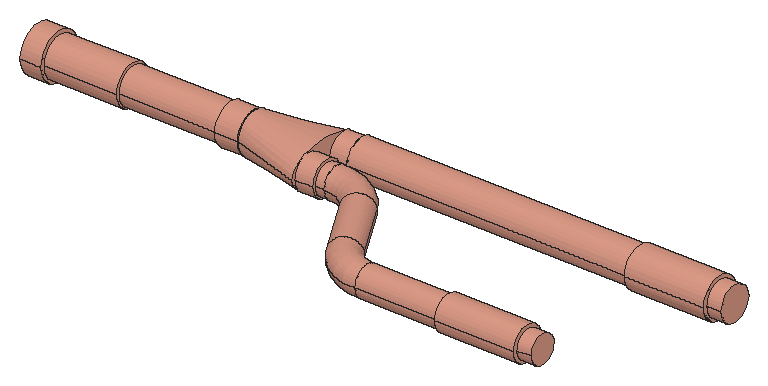
Revit family "outputfile", category 配管付属品, Revit 2024
Family settings
  丸型コネクタ寸法 = 半径を使用
  パーツ タイプ = 標準
  OmniClass 番号 = 23.65.55.00
  OmniClass タイトル = Distribution of Supplied Liquids/Gases
  作業面ベース = いいえ
  常に垂直 = はい
  ロード時にボイドで切り取り = いいえ
  共有 = いいえ
Parameters (values of type "KHRP26A33T")
  Description = ""
  製造元 = "Daikin"
  書き出し IFC クラス(タイプ) = "IfcPipeFittingType"
  定義済み IFC タイプ(タイプ) = "JUNCTION"
  Cost = 0
  Type Comments = ""
  Keynote = ""
  Type Image = (empty or 0)
  Assembly Code = ""
  mm⇔inch [instance] = yes
  l_dividePipe1 [instance] = size_lookup(table_StraightPipe, "l_dividePipe1", 10.0 mm, モデル)  # 10.0 mm
  Default Elevation = 0.0 mm
  モデル = "KHRP26A33T"
  table_StraightPipe [instance] = if(mm⇔inch, "Refnet Joint_KHRP26A-T_Gas_StraightPipe", "Refnet Joint_KHRP26A-T_Gas_StraightPipe_inch")  # "Refnet Joint_KHRP26A-T_Gas_StraightPipe"
  table_BranchPipe [instance] = if(mm⇔inch, "Refnet Joint_KHRP26A-T_Gas_BranchPipe", "Refnet Joint_KHRP26A-T_Gas_BranchPipe_inch")  # "Refnet Joint_KHRP26A-T_Gas_BranchPipe"
  table_Inlet [instance] = if(mm⇔inch, "Refnet Joint_KHRP26A-T_Gas_Inlet", "Refnet Joint_KHRP26A-T_Gas_Inlet_inch")  # "Refnet Joint_KHRP26A-T_Gas_Inlet"
  switch_StraightPipe_Reducer [instance] = if(Is_StraightPipe Reducer = 1, 1 = 1, 1 = 0)  # no
  switch_StraightPipe3 [instance] = if(number_StraightPipe = 3, 1 = 1, 1 = 0)  # no
  switch_StraightPipe2 [instance] = if(number_StraightPipe < 2, 1 = 0, 1 = 1)  # yes
  switch_BranchPipe_Reducer [instance] = if(Is_BranchPipe Reducer = 1, 1 = 1, 1 = 0)  # no
  switch_BranchPipe3 [instance] = if(number_BranchPipe = 3, 1 = 1, 1 = 0)  # no
  switch_BranchPipe2 [instance] = if(number_BranchPipe < 2, 1 = 0, 1 = 1)  # yes
  switch_Inlet pipe_Reducer [instance] = if(Is_Inlet Reducer = 1, 1 = 1, 1 = 0)  # no
  switch_Inlet pipe3 [instance] = if(number_InletPipe = 3, 1 = 1, 1 = 0)  # no
  switch_Inlet pipe2 [instance] = if(number_InletPipe < 2, 1 = 0, 1 = 1)  # yes
  Uniclass2015Version = "Products v1.31"
  Uniclass2015Title = "Copper pipe fittings"
  Uniclass2015Code = "Pr_65_52_63_18"
  URL = ""
  StraightPipe_Gas_ActualDiameter [instance] = 15.9 mm
  Material_Piping = DAIKIN_Copper_Pipe
  Material_Insulation = DAIKIN_White_Insulation
  lw_Insulation [instance] = size_lookup(table_Inlet, "lw_Insulation", 59.8 mm, モデル)  # 59.7 mm
  Unit Type = "KHRP26A-T_Gas"
  Tag No. [instance] = ""
  StraightPipe_Gas_Status [instance] = size_lookup(table_StraightPipe, "Information", "The connected pipe size is not available.", モデル, StraightPipe_Gas_ActualDiameter)  # "Default connector size is used."
  Link_Nested Family [instance] = ""
  Inlet_Gas_Actual Diameter [instance] = 22.2 mm
  IfcVersion = ""
  IfcExportType = "JUNCTION"
  IfcExportAs = "IfcPipeFittingType"
  BranchPipe_Gas_Status [instance] = size_lookup(table_BranchPipe, "Information", "The connected pipe size is not available.", モデル, BranchPipe_Gas_ActualDiameter)  # "Default connector size is used."
  Inlet_Gas_Status [instance] = size_lookup(table_Inlet, "Information", "The connected pipe size is not available.", モデル, Inlet_Gas_Actual Diameter)  # "Default connector size is used."
  Series = "Refnet Joint"
  O.R_dividePipe_Inlet [instance] = (I.D_InletPipe1 + 2.0 mm) / 2  # 10.55 mm
  r_StraightPipe_Connector [instance] = StraightPipe_Gas_ActualDiameter / 2  # 7.95 mm
  r_BranchPipe_Connector [instance] = BranchPipe_Gas_ActualDiameter / 2  # 6.35 mm
  r_Inlet_Connector [instance] = Inlet_Gas_Actual Diameter / 2  # 11.1 mm
  number_StraightPipe [instance] = size_lookup(table_StraightPipe, "pipeNumber", 2, モデル, StraightPipe_Gas_ActualDiameter)  # 2
  number_BranchPipe [instance] = size_lookup(table_BranchPipe, "pipeNumber", 2, モデル, BranchPipe_Gas_ActualDiameter)  # 2
  number_InletPipe [instance] = size_lookup(table_Inlet, "pipeNumber", 3, モデル, Inlet_Gas_Actual Diameter)  # 2
  r_BranchPipeR [instance] = size_lookup(table_BranchPipe, "r_offsetPipeR", 25.0 mm, モデル, BranchPipe_Gas_ActualDiameter)  # 25.0 mm
  l_BranchPipe_Straight2 [instance] = size_lookup(table_BranchPipe, "L_offsetPipe2", 43.0 mm, モデル)  # 43.0 mm
  l_BranchPipe_Straight1 [instance] = size_lookup(table_BranchPipe, "L_offsetPipe1", 5.0 mm, モデル)  # 5.0 mm
  l_BranchPipe connector [instance] = size_lookup(table_BranchPipe, "Length", 170.0 mm, モデル, BranchPipe_Gas_ActualDiameter)  # 170.0 mm
  l_inlet connector [instance] = size_lookup(table_Inlet, "Length", 130.0 mm, モデル, Inlet_Gas_Actual Diameter)  # 114.0 mm
  l_dividePipe [instance] = size_lookup(table_Inlet, "L_devidePipe", 38.0 mm, モデル)  # 38.0 mm
  l_StraightPipeReducer [instance] = size_lookup(table_StraightPipe, "L_Reducer", 80.0 mm, モデル, StraightPipe_Gas_ActualDiameter)  # 100.0 mm
  l_StraightPipe3 [instance] = size_lookup(table_StraightPipe, "L_Pipe3", 2.0 mm, モデル)  # 2.0 mm
  l_StraightPipe2 [instance] = size_lookup(table_StraightPipe, "L_Pipe2", 8.0 mm, モデル)  # 8.0 mm
  l_StraightPipe1 [instance] = size_lookup(table_StraightPipe, "L_Pipe1", 42.0 mm, モデル)  # 42.0 mm
  l_StraightPipe0 [instance] = size_lookup(table_StraightPipe, "L_Pipe0", 152.0 mm, モデル)  # 148.0 mm
  l_StraightPipe connector [instance] = size_lookup(table_StraightPipe, "Length", 212.0 mm, モデル, StraightPipe_Gas_ActualDiameter)  # 208.0 mm
  l_BranchPipe Reducer [instance] = size_lookup(table_BranchPipe, "L_Reducer", 80.0 mm, モデル, BranchPipe_Gas_ActualDiameter)  # 80.0 mm
  l_BranchPipe3 [instance] = size_lookup(table_BranchPipe, "L_Pipe3", 2.0 mm, モデル)  # 2.0 mm
  l_BranchPipe2 [instance] = size_lookup(table_BranchPipe, "L_Pipe2", 8.0 mm, モデル)  # 8.0 mm
  l_BranchPipe1 [instance] = size_lookup(table_BranchPipe, "L_Pipe1", 42.0 mm, モデル)  # 42.0 mm
  l_BranchPipe0 [instance] = size_lookup(table_BranchPipe, "L_Pipe0", 110.0 mm, モデル)  # 110.0 mm
  l_InletReducer [instance] = size_lookup(table_Inlet, "L_Reducer", 100.0 mm, モデル, Inlet_Gas_Actual Diameter)  # 100.0 mm
  l_InletPipe3 [instance] = size_lookup(table_Inlet, "L_Pipe3", 8.0 mm, モデル)  # 2.0 mm
  l_InletPipe2 [instance] = size_lookup(table_Inlet, "L_Pipe2", 42.0 mm, モデル)  # 11.0 mm
  l_InletPipe1 [instance] = size_lookup(table_Inlet, "L_Pipe1", 40.0 mm, モデル)  # 39.0 mm
  l_InletPipe0 [instance] = size_lookup(table_Inlet, "L_Pipe0", 28.0 mm, モデル)  # 52.0 mm
  center_StraightPipe [instance] = size_lookup(table_StraightPipe, "center_Pipe", 11.5 mm, モデル)  # 11.5 mm
  center_BranchPipe2 [instance] = size_lookup(table_BranchPipe, "center_OffsetPipe", 68.5 mm, モデル)  # 68.5 mm
  center_BranchPipe1 [instance] = size_lookup(table_BranchPipe, "center_Pipe", 11.5 mm, モデル)  # 11.5 mm
  StraightPipe_Gas_AvailableDiameter [instance] = size_lookup(table_StraightPipe, "sizeVariation", "", モデル)  # "15.9/19.1/22.2mm"
  BranchPipe_Gas_AvailableDiameter [instance] = size_lookup(table_BranchPipe, "sizeVariation", "", モデル)  # "12.7/15.9/19.1mm"
  Inlet_Gas_Available Diameter [instance] = size_lookup(table_Inlet, "sizeVariation", "", モデル)  # "19.1/22.2/25.4mm"
  O.D_StraightPipe Reducer [instance] = size_lookup(table_StraightPipe, "O.D_reducer", 2.0 mm, モデル, StraightPipe_Gas_ActualDiameter)  # 2.0 mm
  O.D_Offset Outlet Reducer [instance] = size_lookup(table_BranchPipe, "O.D_reducer", 2.0 mm, モデル, BranchPipe_Gas_ActualDiameter)  # 2.0 mm
  O.D_Inlet Reducer [instance] = size_lookup(table_Inlet, "O.D_reducer", 2.0 mm, モデル, Inlet_Gas_Actual Diameter)  # 2.0 mm
  Is_StraightPipe Reducer [instance] = size_lookup(table_StraightPipe, "IsReducer", 0, モデル, StraightPipe_Gas_ActualDiameter)  # 0
  Is_BranchPipe Reducer [instance] = size_lookup(table_BranchPipe, "IsReducer", 0, モデル, BranchPipe_Gas_ActualDiameter)  # 0
  Is_Inlet Reducer [instance] = size_lookup(table_Inlet, "IsReducer", 0, モデル, Inlet_Gas_Actual Diameter)  # 0
  BranchPipe_Gas_ActualDiameter [instance] = 12.7 mm
  Attach_Insulation [instance] = no
  I.D_StraightPipe3 [instance] = size_lookup(table_StraightPipe, "I.D_PipeSize3", 2.0 mm, モデル)  # 2.0 mm
  I.D_StraightPipe2 [instance] = size_lookup(table_StraightPipe, "I.D_PipeSize2", 12.7 mm, モデル)  # 15.9 mm
  I.D_StraightPipe1 [instance] = size_lookup(table_StraightPipe, "I.D_PipeSize1", 15.9 mm, モデル)  # 19.1 mm
  I.D_StraightPipe0 [instance] = size_lookup(table_StraightPipe, "I.D_PipeSize0", 13.9 mm, モデル)  # 17.1 mm
  I.D_BranchPipe3 [instance] = size_lookup(table_BranchPipe, "I.D_PipeSize3", 2.0 mm, モデル)  # 2.0 mm
  I.D_BranchPipe2 [instance] = size_lookup(table_BranchPipe, "I.D_PipeSize2", 12.7 mm, モデル)  # 12.7 mm
  I.D_BranchPipe1 [instance] = size_lookup(table_BranchPipe, "I.D_PipeSize1", 15.9 mm, モデル)  # 15.9 mm
  I.D_BranchPipe0 [instance] = size_lookup(table_BranchPipe, "I.D_PipeSize0", 13.9 mm, モデル)  # 13.9 mm
  I.D_Straight Reducer [instance] = size_lookup(table_StraightPipe, "I.D_reducer", 2.0 mm, モデル, StraightPipe_Gas_ActualDiameter)  # 2.0 mm
  I.D_OutletPipe [instance] = size_lookup(table_Inlet, "I.D_OutletPipeSize", 16.0 mm, モデル, Inlet_Gas_Actual Diameter)  # 16.0 mm
  I.D_Branch Reducer [instance] = size_lookup(table_BranchPipe, "I.D_reducer", 2.0 mm, モデル, BranchPipe_Gas_ActualDiameter)  # 2.0 mm
  I.D_Inlet Reducer [instance] = size_lookup(table_Inlet, "I.D_reducer", 2.0 mm, モデル, Inlet_Gas_Actual Diameter)  # 2.0 mm
  I.D_InletPipe3 [instance] = size_lookup(table_Inlet, "I.D_PipeSize3", 12.7 mm, モデル)  # 2.0 mm
  I.D_InletPipe2 [instance] = size_lookup(table_Inlet, "I.D_PipeSize2", 15.9 mm, モデル)  # 22.2 mm
  I.D_InletPipe1 [instance] = size_lookup(table_Inlet, "I.D_PipeSize1", 19.1 mm, モデル)  # 19.1 mm
  I.D_InletPipe0 [instance] = size_lookup(table_Inlet, "I.D_PipeSize0", 17.1 mm, モデル)  # 17.1 mm
Reference planes
  plane 1 "Center (Front/Back)": y = 0
  plane 2: z = 0
  plane 3 "base_left": x = 0
  plane 4: x = 2
  plane 5: x = 13
  plane 6: x = 52
  plane 7: x = 104
  plane 8: x = 116
  plane 9: x = 154
  plane 10: x = 164
  plane 11 "center_straight outlet": y = 11.5
  plane 12 "center2_offset outlet": y = -68.5
  plane 13 "center1_offset outlet": y = -11.5
  plane 14: x = 312
  plane 15: x = 354
  plane 16: x = 362
  plane 17: x = 274
  plane 18: x = 316
  plane 19: x = 324
  plane 20: x = 364
  plane 21: x = 326
  plane 22 "Reducer_straightoutlet": x = 324
  plane 23: x = 362
  plane 24: y = -22.05
  plane 25: z = 10.55
  plane 26 "Inlet_connector": x = 2
  plane 27 "Left_Insulation": x = 56.3
Forms (mm)
  SweptBlend 1, solid, material "DAIKIN_Copper_Pipe" <- "Material_Piping"
    path origin (0, 0, 0) x (1, 0, 0) y (0, 1, 0)
      loop
        line (116, 0) -> (154, 0)
    profile origin (116, 0, 0) x (0, 1, 0) y (0, 0, 1)
      loop
        circle (0, 0) r 10.55
    end profile origin (154, 0, 0) x (0, 1, 0) y (0, 0, 1)
      loop
        spline (-22.05, 0) -> (-21.299, -2.731) -> (-19.096, -5.275) -> (-15.592, -7.46) -> (-11.025, -9.137) -> (-5.707, -10.191) -> (0, -10.55) -> (5.707, -10.191) -> (11.025, -9.137) -> (15.592, -7.46) -> (19.096, -5.275) -> (21.299, -2.731) -> (22.05, 0)
        spline (22.05, 0) -> (21.299, 2.731) -> (19.096, 5.275) -> (15.592, 7.46) -> (11.025, 9.137) -> (5.707, 10.191) -> (0, 10.55) -> (-5.707, 10.191) -> (-11.025, 9.137) -> (-15.592, 7.46) -> (-19.096, 5.275) -> (-21.299, 2.731) -> (-22.05, 0)
Dimensions and locks
  "l_InletPipe3": plane 3 "base_left" to plane 4
  "l_InletPipe2": plane 4 to plane 5
  "l_InletPipe1": plane 5 to plane 6
  "l_InletPipe0": plane 6 to plane 7
  locked: plane 7 to plane 8 at 12
  "center_StraightPipe": plane 1 "Center (Front/Back)" to plane 11 "center_straight outlet"
  "center_BranchPipe2": plane 12 "center2_offset outlet" to plane 1 "Center (Front/Back)"
  "center_BranchPipe1": plane 13 "center1_offset outlet" to plane 1 "Center (Front/Back)"
  "l_dividePipe": plane 8 to plane 9
  "l_dividePipe1": plane 9 to plane 10
  "l_StraightPipe0": plane 10 to plane 14
  "l_BranchPipe0": plane 10 to plane 17
  "l_BranchPipe1": plane 17 to plane 18
  "l_BranchPipe2": plane 18 to plane 19
  "l_StraightPipe1": plane 14 to plane 15
  "l_StraightPipe2": plane 15 to plane 16
  "l_StraightPipe3": plane 16 to plane 20
  "l_BranchPipe3": plane 19 to plane 21
  "l_BranchPipe connector": plane 9 to plane 22 "Reducer_straightoutlet"
  "l_StraightPipe connector": plane 9 to plane 23
  "O.R_dividePipe_Inlet": plane 24 to plane 13 "center1_offset outlet"
  "O.R_dividePipe_Inlet": plane 25 to plane 2
  "l_inlet connector": plane 26 "Inlet_connector" to plane 8
  "lw_Insulation": plane 27 "Left_Insulation" to plane 8
  "O.R_dividePipe_Inlet": radius of SweptBlend 1 sketch curve
  aligned and locked: level to plane 2
  aligned and locked: plane 2 to nested 1
  aligned and locked: plane 3 "base_left" to nested 1
  aligned and locked: plane 1 "Center (Front/Back)" to nested 1
  aligned and locked: plane 4 to nested 2
  aligned and locked: plane 1 "Center (Front/Back)" to nested 2
  aligned and locked: plane 5 to nested 2
  aligned and locked: plane 5 to nested 3
  aligned and locked: plane 6 to nested 3
  aligned and locked: plane 6 to nested 4
  aligned and locked: nested 4 to plane 7
  aligned and locked: nested 5 to plane 7
  aligned and locked: nested 5 to plane 8
  aligned and locked: plane 8 to SweptBlend 1 sketch curve
  aligned and locked: plane 9 to SweptBlend 1 sketch curve
  aligned and locked: plane 2 to SweptBlend 1 sketch curve  (x2)
  aligned and locked: plane 1 "Center (Front/Back)" to SweptBlend 1 sketch curve  (x2)
  aligned and locked: nested 6 to plane 9
  aligned and locked: nested 7 to plane 9
  aligned and locked: nested 6 to plane 11 "center_straight outlet"
  aligned and locked: nested 7 to plane 13 "center1_offset outlet"
  aligned and locked: nested 7 to plane 10
  aligned and locked: nested 6 to plane 10
  aligned and locked: nested 8 to plane 10
  aligned and locked: plane 14 to nested 8
  aligned and locked: nested 8 to plane 11 "center_straight outlet"
  aligned and locked: plane 14 to nested 9
  aligned and locked: nested 9 to plane 11 "center_straight outlet"
  aligned and locked: plane 15 to nested 9
  aligned and locked: nested 10 to plane 11 "center_straight outlet"
  aligned and locked: plane 15 to nested 10
  aligned and locked: plane 16 to nested 10
  aligned and locked: nested 11 to plane 12 "center2_offset outlet"
  aligned and locked: plane 17 to nested 11
  aligned and locked: plane 18 to nested 11
  aligned and locked: nested 12 to plane 12 "center2_offset outlet"
  aligned and locked: plane 18 to nested 12
  aligned and locked: plane 19 to nested 12
  aligned and locked: nested 13 to plane 10
  aligned and locked: nested 13 to plane 13 "center1_offset outlet"
  aligned and locked: nested 13 to plane 12 "center2_offset outlet"
  aligned and locked: plane 8 to nested 14
  aligned and locked: plane 1 "Center (Front/Back)" to nested 14
  aligned and locked: plane 11 "center_straight outlet" to nested 15
  aligned and locked: nested 15 to plane 9
  aligned and locked: nested 16 to plane 9
  aligned and locked: plane 12 "center2_offset outlet" to nested 16
  aligned and locked: nested 17 to plane 1 "Center (Front/Back)"
  aligned and locked: plane 16 to nested 18
  aligned and locked: plane 20 to nested 18
  aligned and locked: plane 19 to nested 19
  aligned and locked: plane 21 to nested 19
  aligned and locked: nested 20 to plane 12 "center2_offset outlet"
  aligned and locked: plane 23 to nested 21
  aligned and locked: nested 21 to plane 11 "center_straight outlet"
  aligned and locked: plane 4 to nested 1
  aligned and locked: plane 24 to SweptBlend 1 sketch curve
  aligned and locked: plane 25 to SweptBlend 1 sketch curve
  aligned and locked: nested 19 to plane 12 "center2_offset outlet"
  aligned and locked: nested 18 to plane 11 "center_straight outlet"
  aligned and locked: nested 17 to plane 26 "Inlet_connector"
  aligned and locked: plane 22 "Reducer_straightoutlet" to nested 20
  aligned and locked: plane 27 "Left_Insulation" to nested 22
  aligned and locked: plane 1 "Center (Front/Back)" to nested 22
Automatic sketch dimensions
  plane 1 "Center (Front/Back)" to SweptBlend 1 sketch curve = 0.0 mm
Nested families
  nested 1: "daikin_Pipe" at (1, 0, 0), I.D_Pipe <- "I.D_InletPipe3", display <- "switch_Inlet pipe3", type "*"
    with length_Pipe 2.0 mm, display no, O.D_Pipe 4.0 mm, I.D_Pipe 2.0 mm
  nested 2: "daikin_Pipe" at (7.5, 0, 0), I.D_Pipe <- "I.D_InletPipe2", display <- "switch_Inlet pipe2", type "*"
    with length_Pipe 11.0 mm, display yes, O.D_Pipe 24.2 mm, I.D_Pipe 22.2 mm
  nested 3: "daikin_Pipe" at (32.5, 0, 0), I.D_Pipe <- "I.D_InletPipe1", type "*"
    with length_Pipe 39.0 mm, display yes, O.D_Pipe 21.1 mm, I.D_Pipe 19.1 mm
  nested 4: "daikin_Pipe" at (78, 0, 0), I.D_Pipe <- "I.D_InletPipe0", type "*"
    with length_Pipe 52.0 mm, display yes, O.D_Pipe 19.1 mm, I.D_Pipe 17.1 mm
  nested 5: "daikin_Pipe" at (110, 0, 0), I.D_Pipe <- "I.D_InletPipe1", type "*"
    with length_Pipe 12.0 mm, display yes, O.D_Pipe 21.1 mm, I.D_Pipe 19.1 mm
  nested 6: "daikin_Pipe" at (159, 11.5, 0), I.D_Pipe <- "I.D_OutletPipe", type "*"
    with length_Pipe 10.0 mm, display yes, O.D_Pipe 18.0 mm, I.D_Pipe 16.0 mm
  nested 7: "daikin_Pipe" at (159, -11.5, 0), I.D_Pipe <- "I.D_OutletPipe", type "*"
    with length_Pipe 10.0 mm, display yes, O.D_Pipe 18.0 mm, I.D_Pipe 16.0 mm
  nested 8: "daikin_Pipe" at (238, 11.5, 0), I.D_Pipe <- "I.D_StraightPipe0", type "*"
    with length_Pipe 148.0 mm, display yes, O.D_Pipe 19.1 mm, I.D_Pipe 17.1 mm
  nested 9: "daikin_Pipe" at (333, 11.5, 0), I.D_Pipe <- "I.D_StraightPipe1", type "*"
    with length_Pipe 42.0 mm, display yes, O.D_Pipe 21.1 mm, I.D_Pipe 19.1 mm
  nested 10: "daikin_Pipe" at (358, 11.5, 0), I.D_Pipe <- "I.D_StraightPipe2", display <- "switch_StraightPipe2", type "*"
    with length_Pipe 8.0 mm, display yes, O.D_Pipe 17.9 mm, I.D_Pipe 15.9 mm
  nested 11: "daikin_Pipe" at (295, -68.5, 0), I.D_Pipe <- "I.D_BranchPipe1", type "*"
    with length_Pipe 42.0 mm, display yes, O.D_Pipe 17.9 mm, I.D_Pipe 15.9 mm
  nested 12: "daikin_Pipe" at (320, -68.5, 0), I.D_Pipe <- "I.D_BranchPipe2", display <- "switch_BranchPipe2", type "*"
    with length_Pipe 8.0 mm, display yes, O.D_Pipe 14.7 mm, I.D_Pipe 12.7 mm
  nested 13: "daikin_Pipe Ofsset" at (164, -11.5, 0), I.D_Pipe size <- "I.D_BranchPipe0", length_straight pipe1 <- "l_BranchPipe_Straight1", length_straight pipe2 <- "l_BranchPipe_Straight2", r_Pipe R <- "r_BranchPipeR", length_Pipe <- "l_BranchPipe0", type "*"
    with r_Pipe R 25.0 mm, length_straight pipe2 43.0 mm, length_straight pipe1 5.0 mm, length_offset center 57.0 mm, length_Pipe 110.0 mm, O.D_Pipe size 15.9 mm, I.D_Pipe size 13.9 mm
  nested 14: "daikin_connector_rotate2" at (116, 0, 0) x (0, -1, 0) z (0, 0, 1), length <- "l_inlet connector", type "daikin_connector_rotate2"
    with radius 5.0 mm, length 114.0 mm, angle_vertical 90.00°, locaton_mark no
  nested 15: "daikin_connector_rotate2" at (154, 11.5, 0) x (0, 1, 0) z (0, 0, 1), length <- "l_StraightPipe connector", type "daikin_connector_rotate2"
    with radius 5.0 mm, length 208.0 mm, angle_vertical 90.00°, locaton_mark no
  nested 16: "daikin_connector_rotate2" at (154, -68.5, 0) x (0, 1, 0) z (0, 0, 1), length <- "l_BranchPipe connector", type "daikin_connector_rotate2"
    with radius 5.0 mm, length 170.0 mm, angle_vertical 90.00°, locaton_mark no
  nested 17: "daikin_Pipe_reducer" at (52, 0, 0) x (-1, 0, 0) z (0, 0, 1), display <- "switch_Inlet pipe_Reducer", length_Pipe <- "l_InletReducer", I.D_Pipe1 <- "I.D_Inlet Reducer", O.D_Pipe2 <- "O.D_Inlet Reducer", type "*"
    with length_Pipe 100.0 mm, display no, O.D_Pipe2 2.0 mm, O.D_Pipe1 4.0 mm, I.D_Pipe2 0.0 mm, I.D_Pipe1 2.0 mm
  nested 18: "daikin_Pipe" at (363, 11.5, 0), I.D_Pipe <- "I.D_StraightPipe3", display <- "switch_StraightPipe3", type "*"
    with length_Pipe 2.0 mm, display no, O.D_Pipe 4.0 mm, I.D_Pipe 2.0 mm
  nested 19: "daikin_Pipe" at (325, -68.5, 0), I.D_Pipe <- "I.D_BranchPipe3", display <- "switch_BranchPipe3", type "*"
    with length_Pipe 2.0 mm, display no, O.D_Pipe 4.0 mm, I.D_Pipe 2.0 mm
  nested 20: "daikin_Pipe_reducer" at (284, -68.5, 0), I.D_Pipe1 <- "I.D_Branch Reducer", O.D_Pipe2 <- "O.D_Offset Outlet Reducer", length_Pipe <- "l_BranchPipe Reducer", display <- "switch_BranchPipe_Reducer", type "*"
    with length_Pipe 80.0 mm, display no, O.D_Pipe2 2.0 mm, O.D_Pipe1 4.0 mm, I.D_Pipe2 0.0 mm, I.D_Pipe1 2.0 mm
  nested 21: "daikin_Pipe_reducer" at (312, 11.5, 0), I.D_Pipe1 <- "I.D_Straight Reducer", O.D_Pipe2 <- "O.D_StraightPipe Reducer", length_Pipe <- "l_StraightPipeReducer", display <- "switch_StraightPipe_Reducer", type "*"
    with length_Pipe 100.0 mm, display no, O.D_Pipe2 2.0 mm, O.D_Pipe1 4.0 mm, I.D_Pipe2 0.0 mm, I.D_Pipe1 2.0 mm
  nested 22: "daikin_Insulation_RefnetJoint" at (56.3, 0, 0), I.D_Outlet PipeSize <- "I.D_OutletPipe", type "*"
    with h 48.0 mm, I.D_Outlet PipeSize 16.0 mm, h_Insulation 203.2 mm, d_Insulation3_3 69.5 mm, d_Insulation2_2 39.5 mm, d_Insulation1_1 27.5 mm, w_Insulation4 65.6 mm, w_Insulation3 38.9 mm, w_Insulation2 75.0 mm, w_Insulation1 35.0 mm, display no, d_Insulation2 39.5 mm, d_Insulation1 27.5 mm
Connectors
  piping at (2, 0, 0), diameter 22.2, driven by "r_Inlet_Connector"
    settings: on nested 14, index 1, connector inside diameter 609.6 mm, connector length 0.0 mm, flow factor 0, pipe flow 0.00 m³/h, pressure drop 0.0 Pa, fitting loss kfactor 0, connector angle 0.00°, fixture units 0, engagement length 0.0 mm, angle of deflection 0.00°, flow configuration 0, flow direction 2, fitting loss method 0, system type 29, joint type 0, gender type 0, connector reference index -1, connector utility 0, adjustable connector no, is connector primary yes, connector description "Refnet Joint_Inlet_Gas"
  piping at (324, -68.5, 0), diameter 12.7, driven by "r_BranchPipe_Connector"
    settings: on nested 16, index 2, connector inside diameter 609.6 mm, connector length 0.0 mm, flow factor 0, pipe flow 0.00 m³/h, pressure drop 0.0 Pa, fitting loss kfactor 0, connector angle 0.00°, fixture units 0, engagement length 0.0 mm, angle of deflection 0.00°, flow configuration 0, flow direction 1, fitting loss method 0, system type 29, joint type 0, gender type 0, connector reference index -1, connector utility 0, adjustable connector no, is connector primary no, connector description "Refnet Joint_Outlet Branch_Gas"
  piping at (362, 11.5, 0), diameter 15.9, driven by "r_StraightPipe_Connector"
    settings: on nested 15, index 3, connector inside diameter 609.6 mm, connector length 0.0 mm, flow factor 0, pipe flow 0.00 m³/h, pressure drop 0.0 Pa, fitting loss kfactor 0, connector angle 0.00°, fixture units 0, engagement length 0.0 mm, angle of deflection 0.00°, flow configuration 0, flow direction 1, fitting loss method 0, system type 29, joint type 0, gender type 0, connector reference index -1, connector utility 0, adjustable connector no, is connector primary no, connector description "Refnet Joint_Outlet Straight_Gas"
Definition of nested family "daikin_Pipe"
  Parameters (values of type "*")
    Default Elevation = 0.0 mm
    material = none
    length_Pipe [instance] = 150.0 mm
    display [instance] = yes
    O.D_Pipe [instance] = I.D_Pipe + 2.0 mm  # 27.0 mm
    I.D_Pipe [instance] = 25.0 mm
  Reference planes
    plane 1 "Center (Front/Back)": y = 0
    plane 2 "center(vertical)": z = 0
    plane 3 "Center (Left/Right)": x = 0
    plane 4 "left": x = -75
    plane 5 "right": x = 75
  Forms (mm)
    Extrusion 1, solid, material <- "material", visible <- "display"
      sketch origin (0, 0, 0) x (0, 1, 0) y (0, 0, 1)
        loop
          circle (0, 0) r 13.5
      from -75 to 75
  Dimensions and locks
    equal spacing: plane 4 "left", plane 3 "Center (Left/Right)", plane 5 "right"
    "length_Pipe": plane 4 "left" to plane 5 "right"
    "O.D_Pipe": diameter of Extrusion 1 sketch curve
    aligned and locked: level to plane 2 "center(vertical)"
    aligned and locked: plane 2 "center(vertical)" to Extrusion 1 sketch curve
    aligned and locked: plane 1 "Center (Front/Back)" to Extrusion 1 sketch curve
    aligned and locked: plane 5 "right" to Extrusion 1
    aligned and locked: Extrusion 1 to plane 4 "left"
Definition of nested family "daikin_Pipe Ofsset"
  Parameters (values of type "*")
    Default Elevation = 0.0 mm
    r_Pipe R [instance] = 40.0 mm
    material = none
    length_straight pipe2 [instance] = 43.0 mm
    length_straight pipe1 [instance] = 5.0 mm
    length_offset center [instance] = 57.0 mm
    length_Pipe [instance] = 110.0 mm
    O.D_Pipe size [instance] = I.D_Pipe size + 2.0 mm  # 12.0 mm
    I.D_Pipe size [instance] = 10.0 mm
  Reference planes
    plane 1 "Center (Front/Back)": y = 0
    plane 2: z = 0
    plane 3 "Center (Left/Right)": x = 0
    plane 4: y = -57
    plane 5: x = 110
    plane 6: x = 67
    plane 7: x = 5
  Forms (mm)
    Sweep 1, solid, material <- "material"
      path origin (0, 0, 0) x (1, 0, 0) y (0, 1, 0)
        loop
          line (0, 0) -> (5, 0)
          arc (5, 0) -> (20.74, -3.227) -> (33.94, -12.387) r 40
          line (33.94, -12.387) -> (38.06, -44.613)
          arc (38.06, -44.613) -> (51.26, -53.773) -> (67, -57) r 40
          line (67, -57) -> (110, -57)
      profile origin (2.5, 0, 0) x (0, 1, 0) y (0, 0, 1)
        loop
          circle (0, 0) r 6
  Dimensions and locks
    "length_offset center": plane 4 to plane 1 "Center (Front/Back)"
    "length_straight pipe1": plane 3 "Center (Left/Right)" to plane 7
    "length_Pipe": plane 3 "Center (Left/Right)" to plane 5
    "length_straight pipe2": plane 6 to plane 5
    "O.D_Pipe size": diameter of Sweep 1 sketch curve
    "r_Pipe R": radius of Sweep 1 sketch curve  (x2)
    aligned and locked: level to plane 2
    aligned and locked: plane 1 "Center (Front/Back)" to Sweep 1 sketch curve
    aligned and locked: profile plane to Sweep 1 sketch curve
    aligned and locked: plane 5 to Sweep 1 sketch curve
    aligned and locked: plane 7 to Sweep 1 sketch curve
    aligned and locked: plane 6 to Sweep 1 sketch curve
  Automatic sketch dimensions
    plane 1 "Center (Front/Back)" to Sweep 1 sketch curve = 0.0 mm
    Sweep 1 sketch curve to plane 3 "Center (Left/Right)" = 0.0 mm
    plane 4 to Sweep 1 sketch curve = 0.0 mm
    plane 1 "Center (Front/Back)" to Sweep 1 sketch curve = 12.387 mm
    Sweep 1 sketch curve to plane 4 = 12.387 mm
Definition of nested family "daikin_connector_rotate2"
  Parameters (values of type "daikin_connector_rotate2")
    show_face = no
    radius [instance] = 10.0 mm
    locaton_mark = yes
    length [instance] = 600.0 mm
    d_surface = 10.0 mm
    angle_vertical [instance] = 90.00°
    Default Elevation = 0.0 mm
  Reference planes
    plane 1 "Center (Front/Back)": y = 0
    plane 2: z = 0
    plane 3 "Center (Left/Right)": x = 0
  Forms (mm)
    Extrusion 1, solid, visible <- "show_face"
      sketch origin (0, -600, 0) x (1, 0, 0) y (0, 0, 1)
        loop
          circle (0, 0) r 10
      from 0 to -10
  Lines and regions (mm)
    reference lines
      curve 1: line (0, 0, 0) -> (0, -600, 0)
    symbolic lines, visible <- "locaton_mark"
      curve 2: circle (0, 0, 0) r 5 normal (0, 0, 1)
    model lines, visible <- "show_face"
      curve 3: line (0, 0, 0) -> (0, -600, 0)
  Dimensions and locks
    "length": curve 1 to curve 1
    "length": curve 3 to curve 3
    "d_surface": Extrusion 1 to Extrusion 1
    "radius": radius of Extrusion 1 sketch curve
    "angle_vertical": angle curve 1 to plane 1 "Center (Front/Back)"
    "angle_vertical": angle curve 3 to plane 1 "Center (Front/Back)"
    aligned and locked: level to plane 2
    aligned and locked: plane 1 "Center (Front/Back)" to curve 1
    aligned and locked: plane 2 to curve 1
    aligned and locked: plane 1 "Center (Front/Back)" to curve 2
    aligned and locked: plane 3 "Center (Left/Right)" to curve 2
    aligned and locked: plane 1 "Center (Front/Back)" to curve 3
    aligned and locked: plane 2 to curve 3
    aligned and locked: Extrusion 1 to Extrusion 1
  Automatic sketch dimensions
    Extrusion 1 sketch curve to level = 0.0 mm
    Extrusion 1 sketch curve to plane 3 "Center (Left/Right)" = 0.0 mm
    radius of curve 2 = 5.0 mm
Definition of nested family "daikin_Pipe_reducer"
  Parameters (values of type "*")
    Default Elevation = 0.0 mm
    material = none
    length_Pipe [instance] = 250.0 mm
    display [instance] = yes
    O.D_Pipe2 [instance] = 19.1 mm
    O.D_Pipe1 [instance] = I.D_Pipe1 + 2.0 mm  # 24.2 mm
    I.D_Pipe2 [instance] = O.D_Pipe2 - 2.0 mm  # 17.1 mm
    I.D_Pipe1 [instance] = 22.2 mm
  Reference planes
    plane 1 "Center (Front/Back)": y = 0
    plane 2 "center(vertical)": z = 0
    plane 3 "Center (Left/Right)": x = 0
    plane 4 "connection": x = -125
    plane 5 "right": x = 113
    plane 6: x = 125
  Forms (mm)
    Extrusion 1, solid, material <- "material", visible <- "display"
      sketch origin (0, 0, 0) x (0, 1, 0) y (0, 0, 1)
        loop
          circle (0, 0) r 9.55
      from -125 to 113
    Extrusion 2, solid, material <- "material", visible <- "display"
      sketch origin (0, 0, 0) x (0, 1, 0) y (0, 0, 1)
        loop
          circle (0, 0) r 12.1
      from 113 to 125
  Dimensions and locks
    locked: plane 5 "right" to plane 6 at 12
    "length_Pipe": plane 4 "connection" to plane 6
    equal spacing: plane 4 "connection", plane 3 "Center (Left/Right)", plane 6
    "O.D_Pipe2": diameter of Extrusion 1 sketch curve
    "O.D_Pipe1": diameter of Extrusion 2 sketch curve
    aligned and locked: level to plane 2 "center(vertical)"
    aligned and locked: plane 2 "center(vertical)" to Extrusion 1 sketch curve
    aligned and locked: plane 1 "Center (Front/Back)" to Extrusion 1 sketch curve
    aligned and locked: plane 5 "right" to Extrusion 1
    aligned and locked: Extrusion 1 to plane 4 "connection"
    aligned and locked: plane 2 "center(vertical)" to Extrusion 2 sketch curve
    aligned and locked: plane 1 "Center (Front/Back)" to Extrusion 2 sketch curve
    aligned and locked: Extrusion 2 to plane 5 "right"
    aligned and locked: plane 6 to Extrusion 2
Definition of nested family "daikin_Insulation_RefnetJoint"
  Parameters (values of type "*")
    r_Insulation = size_lookup(table_Insulation, "r_Insulation", 13.5 mm, Model)  # 13.5 mm
    h_Insulation = size_lookup(table_Insulation, "h_Insulation", 202.5 mm, Model)  # 202.5 mm
    d_Insulation3_3 = size_lookup(table_Insulation, "d_Insulation3_3", 68.0 mm, Model)  # 68.0 mm
    d_Insulation2_2 = size_lookup(table_Insulation, "d_Insulation2_2", 38.0 mm, Model)  # 38.0 mm
    d_Insulation1_1 = size_lookup(table_Insulation, "d_Insulation1_1", 26.5 mm, Model)  # 26.5 mm
    Default Elevation = 0.0 mm
    Model = "KHRP26A22T"
    w_Insulation5 = size_lookup(table_Insulation, "w_Insulation5", 212.0 mm, Model)  # 212.0 mm
    w_Insulation4 = size_lookup(table_Insulation, "w_Insulation4", 67.0 mm, Model)  # 67.0 mm
    w_Insulation3 = size_lookup(table_Insulation, "w_Insulation3", 34.7 mm, Model)  # 34.7 mm
    w_Insulation2 = size_lookup(table_Insulation, "w_Insulation2", 80.0 mm, Model)  # 80.0 mm
    w_Insulation1 = size_lookup(table_Insulation, "w_Insulation1", 22.0 mm, Model)  # 22.0 mm
    table_Insulation = "Refnet Joint_KHRP26A-T_Gas_Insulation"  # constant formula
    material = none
    h [instance] = (I.D_Outlet PipeSize + 2.0 mm) + 30.0 mm  # 47.0 mm
    display = yes
    d_Insulation3 = size_lookup(table_Insulation, "d_Insulation3", 63.5 mm, Model)  # 63.5 mm
    d_Insulation2 = size_lookup(table_Insulation, "d_Insulation2", 41.0 mm, Model)  # 41.0 mm
    d_Insulation1 = size_lookup(table_Insulation, "d_Insulation1", 29.5 mm, Model)  # 29.5 mm
    I.D_Outlet PipeSize [instance] = 15.0 mm
  Reference planes
    plane 1 "Center (Front/Back)": y = 0
    plane 2: z = 0
    plane 3 "Left": x = 0
    plane 4 "top": z = 23.5
    plane 5 "bottom": z = -23.5
    plane 6: x = 22
    plane 7: x = 80
    plane 8: y = 26.5
    plane 9: y = -29.5
    plane 10: y = 38
    plane 11: y = -41
    plane 12: y = -93.5
    plane 13: x = 212
    plane 14: y = -30
    plane 15: x = 114.7
    plane 16: x = 145
    plane 17: x = 202.5
  Forms (mm)
    Extrusion 1, solid, material <- "material", visible <- "display"
      sketch origin (0, 0, 0) x (1, 0, 0) y (0, 1, 0)
        loop
          line (22, 26.5) -> (0, 26.5) -> (0, -29.5) -> (22, -29.5) -> (80, -41) -> (114.7, -41) -> (145, -93.5) -> (212, -93.5) -> (212, -43.5) -> (202.5, -43.5)
          arc (202.5, -43.5) -> (189, -30) -> (202.5, -16.5) r 13.5
          line (202.5, -16.5) -> (212, -16.5) -> (212, 38) -> (80, 38) -> (22, 26.5)
      from -23.5 to 23.5
  Dimensions and locks
    equal spacing: plane 4 "top", plane 2, plane 5 "bottom"
    "h": plane 4 "top" to plane 5 "bottom"
    "w_Insulation1": plane 3 "Left" to plane 6
    "w_Insulation2": plane 3 "Left" to plane 7
    "w_Insulation5": plane 3 "Left" to plane 13
    "w_Insulation3": plane 7 to plane 15
    "w_Insulation4": plane 16 to plane 13
    "d_Insulation1": plane 1 "Center (Front/Back)" to plane 9
    "d_Insulation1_1": plane 8 to plane 1 "Center (Front/Back)"
    "d_Insulation2": plane 1 "Center (Front/Back)" to plane 11
    "d_Insulation2_2": plane 10 to plane 1 "Center (Front/Back)"
    "d_Insulation3_3": plane 10 to plane 14
    "d_Insulation3": plane 14 to plane 12
    "r_Insulation": Extrusion 1 sketch curve to plane 14
    "r_Insulation": plane 14 to Extrusion 1 sketch curve
    "h_Insulation": plane 3 "Left" to plane 17
    "r_Insulation": radius of Extrusion 1 sketch curve
    aligned and locked: level to plane 2
    aligned and locked: Extrusion 1 to plane 5 "bottom"
    aligned and locked: plane 4 "top" to Extrusion 1
    aligned and locked: plane 6 to Extrusion 1  (x2)
    aligned and locked: plane 7 to Extrusion 1  (x2)
    aligned and locked: plane 6 to Extrusion 1 sketch curve
    aligned and locked: plane 11 to Extrusion 1 sketch curve
    aligned and locked: plane 7 to Extrusion 1 sketch curve  (x2)
    aligned and locked: plane 10 to Extrusion 1 sketch curve
    aligned and locked: Extrusion 1 sketch curve to plane 12
    aligned and locked: Extrusion 1 sketch curve to plane 13  (x2)
    aligned and locked: plane 16 to Extrusion 1 sketch curve
    aligned and locked: plane 15 to Extrusion 1 sketch curve
    aligned and locked: plane 17 to Extrusion 1 sketch curve
  Automatic sketch dimensions
    Extrusion 1 sketch curve to plane 3 "Left" = 0.0 mm
    Extrusion 1 sketch curve to plane 6 = 0.0 mm
    Extrusion 1 sketch curve to plane 9 = 0.0 mm
    Extrusion 1 sketch curve to plane 8 = 0.0 mm
